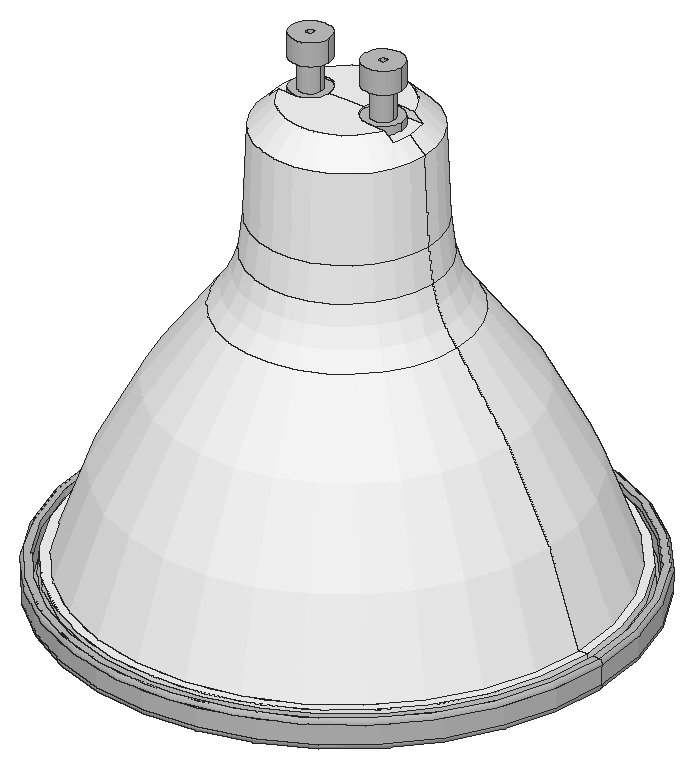
Revit family "STL21411_27_30", category Luminárias, Revit 2023
Family settings
  Cota do conector redondo = Utilizar diâmetro
  Tipo de parte = Normal
  Com base no plano de trabalho = Não
  Sempre na vertical = Sim
  Corte com vazios quando carregada = Não
  Fonte luminosa = Sim
  Manter orientação da anotação = Não
  Compartilhado = Não
  Ponto de cálculo do ambiente = Não
Parameters (values of type "STL21411/27 - BIVOLT - 2700K - 250lm - 7°")
  Ângulo de inclinação = 90.00°
  Ângulo de Abertura = "7°"
  Wattage = 1.68303 W
  URL = "https://stella.com.br/"
  Troca de temperatura da cor de lâmpada com esmaecimento = <Nenhum>
  Tensão Elétrica = "100V-240V"
  built-in parameter 1150107 = 2700 (stored number, unit not read)
  Temperatura da cor (K) = 2700 K
  Referência = "STL21411/27"
  Potência = 4.7 W
  built-in parameter 1150110 = 1 (stored number, unit not read)
  built-in parameter 1150109 = 1 (stored number, unit not read)
  built-in parameter 1114218 = 1 (stored number, unit not read)
  built-in parameter 1150112 = 1 (stored number, unit not read)
  built-in parameter 1150113 = 1 (stored number, unit not read)
  built-in parameter 1150142 = "IESNA:LM-63-2002\r\n[TEST] Viso BaseSpion - serial: 2183678036 sensor serial: 1483989726\r\n[TESTLAB] Viso BaseSpion - serial: 2183678036 sensor serial: 1483989726 - Test lab\r\n[MANUFAC] N/A\r\n[ISSUEDATE] 17/11/2021\r\n[LUMINAIRE] STELLA - STL21411/27 - AR70 PRO 7° 4,7W\r\n[LUMCAT] N/A\r\n[_SERIALNUMBER] VFR-211117-4385-MS\r\nTILT=NONE\r\n1 259 1 91 1 1 2 -0.055 -0.055 0.0623\r\n1.0 1.0 4.94\r\n0 1 2 3 4 5 6 7 8 9 10 11 12 13 14 15 16 17 18 19 20 21 22 23 24 25 26 27 28 29 30 31 32 33 34 35 36 37 38 39 40 41 42 43 44 45 46 47 48 49 50 51 52 53 54 55 56 57 58 59 60 61 62 63 64 65 66 67 68 69 70 71 72 73 74 75 76 77 78 79 80\r\n 81 82 83 84 85 86 87 88 89 90\r\n0 \r\n8012.268066 7908.040527 6805.483398 5306.655273 3835.501465 2611.36792 1702.781982 1100.026367 701.706299 457.247742 316.45993 236.002243 186.038406 153.727036 129.627396 111.494972 94.152954 78.788368 66.587585 57.454178 49.943413\r\n 44.764576 39.566265 35.006748 31.071499 27.843071 25.114212 22.965197 21.594881 20.33707 19.976358 20.029121 20.459604 21.243231 21.4862 21.289555 20.694355 19.770582 18.284912 17.023626 15.627766 14.121721 12.845434 11.71128 10.956571\r\n 10.406587 10.207185 10.090323 10.235255 10.500318 10.756314 10.659825 10.466209 9.679325 8.232968 6.077294 3.573949 1.827062 1.221155 1.075169 1.01133 0.838495 0.871519 0.696277 0.644481 0.726814 0.711939 0.668646 0.740095 0.735123\r\n 0.693682 0.757633 0.725425 0.65081 0.688778 0.654706 0.615224 0.6159 0.662194 0.777172 0.790405 0.724636 0.724159 0.679531 0.671484 0.729431 0.707179 0.657825 0.668848 0.801397 0.532557\r\n"
  built-in parameter 1150132 = 2
  built-in parameter 1150137 = (empty or 0)
  Modelo = "AR70 PRO 7º 4,7W\r\nAR70 PRO 7º 4,7W\r\nAR 70 PRO 7º 4,7W"
  Luminoso [instance] = Luminoso - 2700K
  built-in parameter 1150106 = 77.338 (stored number, unit not read)
  built-in parameter 1150102 = (empty or 0)
  built-in parameter 1150105 = 7733.8 (stored number, unit not read)
  IRC (Índice de reprodução de cores) = ">95 (R9>80)"
  Grau de proteção (IP) = "IP20"
  Fluxo Luminoso = 250 lm
  Color Filter = 16777215
  built-in parameter 1114217 = 1 (stored number, unit not read)
  built-in parameter 1150139 = (empty or 0)
  Fabricante = "Stella"
  Estrutura [instance] = Al - Branco
  Default Elevation = 0.00 m
  built-in parameter 1150104 = 13.8 (stored number, unit not read)
  Diâmetro = 0.07 m
  Dimerização = "Não dimerizável"
  built-in parameter 1150115 = 1 (stored number, unit not read)
  built-in parameter 1150114 = 1 (stored number, unit not read)
  Cromado [instance] = Cromado
  Lumens = 250 lm
  built-in parameter 1150138 = (empty or 0)
  built-in parameter 1150134 = (empty or 0)
  Arquivo de rede fotométrica = "STELLA - STL21411-27 - AR70 PRO 7° 4,7W.ies"
  Altura = 0.067 m
  built-in parameter 1150133 = 10 (stored number, unit not read)
Types (3, lengths in m): name | Wattage | built-in parameter 1150107 | Temperatura da cor (K) | Referência | Luminoso | built-in parameter 1150106 | built-in parameter 1150105 | Fluxo Luminoso | Lumens
  (no name) | 1.68303 W | 2700 (stored number, unit not read) | 2700 K | "STL21411/27" | Luminoso - 2700K | 77.338 (stored number, unit not read) | 7733.8 (stored number, unit not read) | 250 lm | 250 lm
  STL21411/27 - BIVOLT - 2700K - 250lm - 7° | 1.68303 W | 2700 (stored number, unit not read) | 2700 K | "STL21411/27" | Luminoso - 2700K | 77.338 (stored number, unit not read) | 7733.8 (stored number, unit not read) | 250 lm | 250 lm
  STL21411/30 - BIVOLT - 3000K - 260lm - 7° | 1.75035 W | 3000 (stored number, unit not read) | 3000 K | "STL21411/30" | Luminoso - 3000K | 0.2069 (stored number, unit not read) | 20.69 (stored number, unit not read) | 260 lm | 260 lm
Reference planes (m)
  plane 1 "Centro (Frente/Trás)": y = 0
  plane 2: z = 0
  plane 3 "Centro (Esquerda/Direita)": x = 0
  plane 4: x = 0.035
  plane 5: x = -0.035
  plane 6 "Superior": z = 0.063061
  plane 7 "Base": z = -0.003939
  plane 8: y = 0.035
  plane 9: y = -0.035
Forms (m)
  Revolve 1, solid, material "Al - Branco" <- "Estrutura"
    sketch origin (0, 0, 0) x (1, 0, 0) y (0, 0, 1)
      loop
        line (0.0077, 0.0564) -> (0, 0.0564) -> (0, 0.0548) -> (0.007603, 0.0548) -> (0.00957, 0.052833) -> (0.009999, 0.042321)
        arc (0.009999, 0.042321) -> (0.010188, 0.040004) -> (0.010563, 0.03771) r 0.02875
        arc (0.010563, 0.03771) -> (0.011893, 0.033837) -> (0.01416, 0.030428) r 0.01602
        arc (0.01416, 0.030428) -> (0.024357, 0.015572) -> (0.030945, -0.0012) r 0.07947
        line (0.030945, -0.0012) -> (0.031727, -0.0012) -> (0.0318, -0.0026) -> (0.033208, -0.0026) -> (0.03305, -0.000789) -> (0.033009, 0) -> (0.031862, 0)
        arc (0.031862, 0) -> (0.0252, 0.016541) -> (0.015066, 0.031215) r 0.08067
        arc (0.015066, 0.031215) -> (0.012969, 0.034369) -> (0.011739, 0.037951) r 0.01482
        arc (0.011739, 0.037951) -> (0.011379, 0.04015) -> (0.011198, 0.04237) r 0.02755
        line (0.011198, 0.04237) -> (0.01075, 0.05335) -> (0.0077, 0.0564)
      axis (0, 0.0564) -> (0, -0.0026)
    angle from 0 to 360
  Revolve 2, solid, material "Cromado" <- "Cromado"
    sketch origin (0, 0, 0) x (1, 0, 0) y (0, 0, 1)
      loop
        arc (0.012877, 0.018698) -> (0.020875, 0.008993) -> (0.027156, -0.001903) r 0.075693
        arc (0.027156, -0.001903) -> (0.027343, -0.002254) -> (0.027566, -0.002584) r 0.003884
        arc (0.027566, -0.002584) -> (0.030319, -0.003548) -> (0.033211, -0.003939) r 0.014447
        line (0.033211, -0.003939) -> (0.034185, -0.003956)
        arc (0.034185, -0.003956) -> (0.03475, -0.003721) -> (0.034986, -0.003156) r 0.0008
        line (0.034986, -0.003156) -> (0.035029, -0.000736)
        arc (0.035029, -0.000736) -> (0.034941, -0.000341) -> (0.034683, -0.000029) r 0.000865
        line (0.034683, -0.000029) -> (0.033841, -0.000029) -> (0.033761, -0.000945) -> (0.033613, -0.002629) -> (0.032299, -0.002629)
        arc (0.032299, -0.002629) -> (0.030081, -0.001839) -> (0.028213, -0.000404) r 0.007553
        arc (0.028213, -0.000404) -> (0.021949, 0.010251) -> (0.014066, 0.019771) r 0.077294
        line (0.014066, 0.019771) -> (0.012877, 0.019771) -> (0.012877, 0.018698)
      axis (0, 0.019771) -> (0, -0.003956)
    angle from 0 to 360
  Revolve 3, solid, material "Cromado" <- "Cromado"
    sketch origin (0, 0, 0) x (1, 0, 0) y (0, 0, 1)
      loop
        line (-0.01279, 0.004) -> (0, 0.004) -> (0, 0.014238) -> (-0.002617, 0.014238)
        arc (-0.002617, 0.014238) -> (-0.004216, 0.013782) -> (-0.005741, 0.013119) r 0.0125
        line (-0.005741, 0.013119) -> (-0.007371, 0.019202) -> (-0.010858, 0.019202)
        arc (-0.010858, 0.019202) -> (-0.011261, 0.019369) -> (-0.011427, 0.019771) r 0.000569
        line (-0.011427, 0.019771) -> (-0.0115, 0.02185) -> (-0.018457, 0.02185) -> (-0.018378, 0.02035) -> (-0.01275, 0.02035) -> (-0.012721, 0.019519) -> (-0.012721, 0.018698) -> (-0.011921, 0.018698) -> (-0.011921, 0.017583)
        arc (-0.011921, 0.017583) -> (-0.008013, 0.013326) -> (-0.002914, 0.010607) r 0.017169
        line (-0.002914, 0.010607) -> (-0.002684, 0.006224) -> (-0.0069, 0.005702) -> (-0.013416, 0.005702) -> (-0.013357, 0.004567)
        arc (-0.013357, 0.004567) -> (-0.013191, 0.004166) -> (-0.01279, 0.004) r 0.000567
      axis (0, 0.02185) -> (0, 0.004)
    angle from 0 to 360
  Extrusion 4, void
    sketch origin (0, -0.129323, 0) x (1, 0, 0) y (0, 1, 0)
      loop
        arc (-0.002358, 0.129323) -> (-0.003131, 0.131192) -> (-0.005, 0.131966) r 0.002642
        line (-0.005, 0.131966) -> (-0.008729, 0.131966)
        arc (-0.008729, 0.131966) -> (-0.009022, 0.130744) -> (-0.009136, 0.129493) r 0.008759
        arc (-0.009136, 0.129493) -> (-0.009047, 0.12807) -> (-0.008729, 0.126681) r 0.008759
        line (-0.008729, 0.126681) -> (-0.005, 0.126681)
        arc (-0.005, 0.126681) -> (-0.003131, 0.127455) -> (-0.002358, 0.129323) r 0.002642
    from 0.0553 to 0.0564
  Extrusion 5, solid, material "Cromado" <- "Cromado"
    sketch origin (0, 0, 0) x (1, 0, 0) y (0, 1, 0)
      loop
        circle (-0.005, 0) r 0.0025
    from 0.0553 to 0.0563
  Extrusion 6, solid, material "Cromado" <- "Cromado"
    sketch origin (0, 0, 0) x (1, 0, 0) y (0, 1, 0)
      loop
        circle (-0.005, 0) r 0.0015
    from 0.0563 to 0.060161
  Extrusion 7, solid, material "Cromado" <- "Cromado"
    sketch origin (0, 0, 0) x (1, 0, 0) y (0, 1, 0)
      loop
        circle (-0.005, 0) r 0.0025
    from 0.060161 to 0.063061
  Extrusion 8, solid, material "Cromado" <- "Cromado"
    sketch origin (0, 0, 0) x (-1, 0, 0) y (0, -1, 0)
      loop
        circle (-0.005, 0) r 0.0025
    from 0.0553 to 0.0563
  Extrusion 9, solid, material "Cromado" <- "Cromado"
    sketch origin (0, 0, 0) x (-1, 0, 0) y (0, -1, 0)
      loop
        circle (-0.005, 0) r 0.0015
    from 0.0563 to 0.060161
  Extrusion 10, solid, material "Cromado" <- "Cromado"
    sketch origin (0, 0, 0) x (-1, 0, 0) y (0, -1, 0)
      loop
        circle (-0.005, 0) r 0.0025
    from 0.060161 to 0.063061
  Extrusion 11, void
    sketch origin (0, -0.129323, 0) x (-1, 0, 0) y (0, -1, 0)
      loop
        arc (-0.002358, -0.129323) -> (-0.003131, -0.127455) -> (-0.005, -0.126681) r 0.002642
        line (-0.005, -0.126681) -> (-0.008729, -0.126681)
        arc (-0.008729, -0.126681) -> (-0.009047, -0.12807) -> (-0.009136, -0.129493) r 0.008759
        arc (-0.009136, -0.129493) -> (-0.009022, -0.130744) -> (-0.008729, -0.131966) r 0.008759
        line (-0.008729, -0.131966) -> (-0.005, -0.131966)
        arc (-0.005, -0.131966) -> (-0.003131, -0.131192) -> (-0.002358, -0.129323) r 0.002642
    from 0.0553 to 0.0564
  Extrusion 12, void
    sketch origin (0, 0, 0) x (1, 0, 0) y (0, 1, 0)
      loop
        circle (-0.005, 0) r 0.00045
    from 0.0557 to 0.063061
  Extrusion 13, void
    sketch origin (0, 0, 0) x (-1, 0, 0) y (0, -1, 0)
      loop
        circle (-0.005, 0) r 0.00045
    from 0.0557 to 0.063061
  Revolve 14, solid, material "Luminoso - 2700K" <- "Luminoso"
    sketch origin (0, 0, 0) x (1, 0, 0) y (0, 0, 1)
      loop
        line (-0.013416, 0.005702) -> (-0.0069, 0.005702) -> (-0.002684, 0.006224) -> (-0.002914, 0.010607)
        arc (-0.002914, 0.010607) -> (-0.008013, 0.013326) -> (-0.011921, 0.017583) r 0.017169
        line (-0.011921, 0.017583) -> (-0.011921, 0.018698) -> (-0.012721, 0.018698) -> (-0.012721, 0.01735)
        arc (-0.012721, 0.01735) -> (-0.008812, 0.012938) -> (-0.003685, 0.010029) r 0.017969
        line (-0.003685, 0.010029) -> (-0.003522, 0.006926) -> (-0.013416, 0.005702)
      axis (0, 0.018698) -> (0, 0.005702)
    angle from 0 to 360
Cuts and joins
  Extrusion 4, Extrusion 11 cuts Revolve 1
  Extrusion 12, Extrusion 13 cuts Extrusion 5
  Extrusion 11, Extrusion 12, Extrusion 13 cuts Extrusion 6
  Extrusion 12, Extrusion 13 cuts Extrusion 7
  joined: Extrusion 5, Extrusion 6, Extrusion 7
  Extrusion 13 cuts Extrusion 8
  Extrusion 13 cuts Extrusion 9
  Extrusion 13 cuts Extrusion 10
  joined: Extrusion 8, Extrusion 9, Extrusion 10
Lines and regions (m)
  model lines
    curve 1: line (0, 0.001599, 0.0553) -> (0, -0.004963, 0.0553)
    curve 2: line (0.006069, 0, 0.063061) -> (0.006069, 0, 0.060161)
Dimensions and locks (m)
  "Altura": plane 6 "Superior" to plane 7 "Base"
  "Diâmetro": plane 5 to plane 4
  aligned and locked: level to plane 2
  aligned and locked: Extrusion 7 to Extrusion 12
  aligned and locked: Extrusion 10 to cut or joined group of Extrusion 5, Extrusion 6, Extrusion 7, Extrusion 11, Extrusion 12, Extrusion 13
Automatic sketch dimensions
  curve 1 to plane 1 "Centro (Frente/Trás)" = 0.001599 m
  plane 1 "Centro (Frente/Trás)" to curve 1 = 0.004963 m
  Revolve 1 sketch curve to Revolve 1 sketch curve = 0.00 m  (x9)
  Revolve 1 sketch curve to plane 3 "Centro (Esquerda/Direita)" = 0.00 m  (x2)
  Revolve 1 sketch curve to level = 0.00 m
  Revolve 1 sketch curve to plane 5 = 0.01084 m
  Revolve 1 sketch curve to Revolve 1 sketch curve = 0.007603 m
  Revolve 1 sketch curve to Revolve 1 sketch curve = 0.000097 m
  Revolve 1 sketch curve to Revolve 1 sketch curve = 0.001967 m  (x2)
  plane 3 "Centro (Esquerda/Direita)" to Revolve 1 sketch curve = 0.009999 m
  Revolve 1 sketch curve to Revolve 1 sketch curve = 0.00118 m
  Revolve 1 sketch curve to Revolve 1 sketch curve = 0.001199 m
  Revolve 1 sketch curve to plane 4 = 0.008744 m
  Revolve 1 sketch curve to level = 0.0012 m
  Revolve 1 sketch curve to plane 4 = 0.004055 m
  Revolve 1 sketch curve to Revolve 1 sketch curve = 0.000781 m
  Revolve 1 sketch curve to Revolve 1 sketch curve = 0.000073 m
  Revolve 1 sketch curve to Revolve 1 sketch curve = 0.000135 m
  Revolve 1 sketch curve to Revolve 1 sketch curve = 0.001147 m
  Revolve 1 sketch curve to Revolve 1 sketch curve = 0.000041 m
  Revolve 1 sketch curve to plane 4 = 0.001792 m
  plane 4 to Revolve 1 sketch curve = 0.003725 m
  Revolve 1 sketch curve to Revolve 1 sketch curve = 0.0014 m
  Revolve 1 sketch curve to level = 0.021682 m
  Revolve 1 sketch curve to level = 0.000789 m
  level to Revolve 1 sketch curve = 0.040933 m
  Revolve 1 sketch curve to Revolve 1 sketch curve = 0.011106 m
  Revolve 1 sketch curve to Revolve 1 sketch curve = 0.000049 m
  Revolve 1 sketch curve to Revolve 1 sketch curve = 0.002561 m
  Revolve 1 sketch curve to Revolve 1 sketch curve = 0.010512 m
  Revolve 1 sketch curve to Revolve 1 sketch curve = 0.000517 m
  Revolve 1 sketch curve to Revolve 1 sketch curve = 0.0016 m
  Revolve 1 sketch curve to level = 0.003956 m
  Revolve 2 sketch curve to Revolve 2 sketch curve = 0.00 m  (x4)
  Revolve 2 sketch curve to plane 3 "Centro (Esquerda/Direita)" = 0.00 m
  Revolve 2 sketch curve to plane 5 = 0.006337 m
  plane 3 "Centro (Esquerda/Direita)" to Revolve 2 sketch curve = 0.012877 m
  Revolve 2 sketch curve to Revolve 2 sketch curve = 0.001189 m
  Revolve 2 sketch curve to level = 0.00025 m
  Revolve 2 sketch curve to plane 4 = 0.004329 m
  Revolve 2 sketch curve to plane 4 = 0.002701 m
  Revolve 2 sketch curve to Revolve 2 sketch curve = 0.000912 m
  Revolve 2 sketch curve to Revolve 2 sketch curve = 0.001314 m
  Revolve 2 sketch curve to plane 4 = 0.001309 m
  Revolve 2 sketch curve to plane 4 = 0.001308 m
  Revolve 2 sketch curve to plane 4 = 0.001239 m
  Revolve 2 sketch curve to level = 0.000029 m
  Revolve 2 sketch curve to Revolve 2 sketch curve = 0.00008 m
  Revolve 2 sketch curve to Revolve 2 sketch curve = 0.000403 m
  Revolve 2 sketch curve to plane 4 = 0.000815 m
  Revolve 2 sketch curve to plane 4 = 0.000317 m
  plane 4 to Revolve 2 sketch curve = 0.000029 m
  Revolve 2 sketch curve to level = 0.000721 m
  Revolve 2 sketch curve to Revolve 2 sketch curve = 0.000224 m
  Revolve 2 sketch curve to Revolve 2 sketch curve = 0.001684 m
  Revolve 2 sketch curve to Revolve 2 sketch curve = 0.000527 m
  Revolve 2 sketch curve to Revolve 2 sketch curve = 0.000783 m
  Revolve 2 sketch curve to Revolve 2 sketch curve = 0.0008 m
  Revolve 2 sketch curve to level = 0.034125 m
  level to Revolve 2 sketch curve = 0.004795 m
  Revolve 2 sketch curve to Revolve 2 sketch curve = 0.005705 m
  level to Revolve 2 sketch curve = 0.018698 m
  Revolve 2 sketch curve to Revolve 2 sketch curve = 0.001073 m
  Revolve 2 sketch curve to Revolve 2 sketch curve = 0.000002 m
  Revolve 2 sketch curve to level = 0.007971 m
  Revolve 2 sketch curve to Revolve 2 sketch curve = 0.043852 m
  Extrusion 4 sketch curve to Extrusion 4 sketch curve = 0.00 m  (x4)
  plane 1 "Centro (Frente/Trás)" to Extrusion 4 sketch curve = 0.00 m  (x2)
  plane 1 "Centro (Frente/Trás)" to Extrusion 4 sketch curve = 0.002642 m
  Extrusion 4 sketch curve to plane 3 "Centro (Esquerda/Direita)" = 0.008729 m
  Extrusion 4 sketch curve to Extrusion 4 sketch curve = 0.003729 m
  Extrusion 4 sketch curve to plane 3 "Centro (Esquerda/Direita)" = 0.000379 m
  Extrusion 4 sketch curve to plane 1 "Centro (Frente/Trás)" = 0.00017 m
  plane 1 "Centro (Frente/Trás)" to Extrusion 5 sketch curve = 0.00 m
  Extrusion 5 sketch curve to plane 3 "Centro (Esquerda/Direita)" = 0.005 m
  plane 1 "Centro (Frente/Trás)" to Extrusion 6 sketch curve = 0.00 m
  Extrusion 6 sketch curve to plane 3 "Centro (Esquerda/Direita)" = 0.005 m
  plane 1 "Centro (Frente/Trás)" to Extrusion 7 sketch curve = 0.00 m
  Extrusion 7 sketch curve to plane 3 "Centro (Esquerda/Direita)" = 0.005 m
  plane 1 "Centro (Frente/Trás)" to Extrusion 8 sketch curve = 0.00 m
  plane 3 "Centro (Esquerda/Direita)" to Extrusion 8 sketch curve = 0.005 m
  plane 1 "Centro (Frente/Trás)" to Extrusion 9 sketch curve = 0.00 m
  plane 3 "Centro (Esquerda/Direita)" to Extrusion 9 sketch curve = 0.005 m
  plane 1 "Centro (Frente/Trás)" to Extrusion 10 sketch curve = 0.00 m
  plane 3 "Centro (Esquerda/Direita)" to Extrusion 10 sketch curve = 0.005 m
  Extrusion 11 sketch curve to Extrusion 11 sketch curve = 0.00 m  (x4)
  plane 1 "Centro (Frente/Trás)" to Extrusion 11 sketch curve = 0.00 m  (x2)
  plane 1 "Centro (Frente/Trás)" to Extrusion 11 sketch curve = 0.002642 m
  plane 3 "Centro (Esquerda/Direita)" to Extrusion 11 sketch curve = 0.008729 m
  Extrusion 11 sketch curve to Extrusion 11 sketch curve = 0.003729 m
  plane 3 "Centro (Esquerda/Direita)" to Extrusion 11 sketch curve = 0.000379 m
  Extrusion 11 sketch curve to plane 1 "Centro (Frente/Trás)" = 0.00017 m
  plane 1 "Centro (Frente/Trás)" to Extrusion 12 sketch curve = 0.00 m
  Extrusion 12 sketch curve to plane 3 "Centro (Esquerda/Direita)" = 0.005 m
  plane 1 "Centro (Frente/Trás)" to Extrusion 13 sketch curve = 0.00 m
  plane 3 "Centro (Esquerda/Direita)" to Extrusion 13 sketch curve = 0.005 m
  Revolve 14 sketch curve to Revolve 14 sketch curve = 0.00 m  (x2)
  Revolve 14 sketch curve to plane 3 "Centro (Esquerda/Direita)" = 0.00 m
  Revolve 14 sketch curve to plane 3 "Centro (Esquerda/Direita)" = 0.002684 m
  Revolve 14 sketch curve to plane 3 "Centro (Esquerda/Direita)" = 0.002914 m
  Revolve 14 sketch curve to Revolve 14 sketch curve = 0.000838 m
  Revolve 14 sketch curve to Revolve 14 sketch curve = 0.000771 m
  Revolve 14 sketch curve to Revolve 14 sketch curve = 0.003378 m
  Revolve 14 sketch curve to plane 3 "Centro (Esquerda/Direita)" = 0.011921 m
  Revolve 14 sketch curve to Revolve 14 sketch curve = 0.0008 m
  level to Revolve 14 sketch curve = 0.005702 m
  Revolve 14 sketch curve to Revolve 14 sketch curve = 0.006516 m
  plane 3 "Centro (Esquerda/Direita)" to Revolve 14 sketch curve = 0.0025 m
  Revolve 14 sketch curve to Revolve 14 sketch curve = 0.000521 m
  Revolve 14 sketch curve to Revolve 14 sketch curve = 0.000702 m
  Revolve 14 sketch curve to Revolve 14 sketch curve = 0.003103 m
  Revolve 14 sketch curve to Revolve 14 sketch curve = 0.000578 m
  Revolve 14 sketch curve to Revolve 14 sketch curve = 0.007321 m
  Revolve 14 sketch curve to Revolve 14 sketch curve = 0.001348 m
  level to Revolve 14 sketch curve = 0.002602 m
  Revolve 14 sketch curve to Revolve 14 sketch curve = 0.003202 m
  Revolve 3 sketch curve to plane 3 "Centro (Esquerda/Direita)" = 0.00 m  (x3)
  Revolve 3 sketch curve to plane 3 "Centro (Esquerda/Direita)" = 0.002617 m
  Revolve 3 sketch curve to plane 3 "Centro (Esquerda/Direita)" = 0.002684 m
  Revolve 3 sketch curve to plane 3 "Centro (Esquerda/Direita)" = 0.002914 m
  Revolve 3 sketch curve to Revolve 3 sketch curve = 0.003123 m
  Revolve 3 sketch curve to Revolve 3 sketch curve = 0.004216 m
  Revolve 3 sketch curve to Revolve 3 sketch curve = 0.00163 m
  Revolve 3 sketch curve to Revolve 3 sketch curve = 0.003487 m
  Revolve 3 sketch curve to Revolve 3 sketch curve = 0.000569 m
  Revolve 3 sketch curve to Revolve 3 sketch curve = 0.000073 m
  Revolve 3 sketch curve to Revolve 3 sketch curve = 0.001063 m
  Revolve 3 sketch curve to Revolve 3 sketch curve = 0.0008 m
  Revolve 3 sketch curve to Revolve 3 sketch curve = 0.000029 m
  level to Revolve 3 sketch curve = 0.004 m
  Revolve 3 sketch curve to Revolve 3 sketch curve = 0.00589 m
  level to Revolve 3 sketch curve = 0.004567 m
  Revolve 3 sketch curve to Revolve 3 sketch curve = 0.00006 m
  Revolve 3 sketch curve to Revolve 3 sketch curve = 0.005628 m
  Revolve 3 sketch curve to Revolve 3 sketch curve = 0.000079 m
  plane 3 "Centro (Esquerda/Direita)" to Revolve 3 sketch curve = 0.0025 m
  Revolve 3 sketch curve to Revolve 3 sketch curve = 0.001985 m
  Revolve 3 sketch curve to Revolve 3 sketch curve = 0.001136 m
  Revolve 3 sketch curve to Revolve 3 sketch curve = 0.002224 m
  Revolve 3 sketch curve to Revolve 3 sketch curve = 0.004383 m
  Revolve 3 sketch curve to Revolve 3 sketch curve = 0.002512 m
  Revolve 3 sketch curve to Revolve 3 sketch curve = 0.004464 m
  Revolve 3 sketch curve to Revolve 3 sketch curve = 0.001115 m
  Revolve 3 sketch curve to Revolve 3 sketch curve = 0.000504 m
  Revolve 3 sketch curve to Revolve 3 sketch curve = 0.000821 m
  Revolve 3 sketch curve to Revolve 3 sketch curve = 0.000831 m
  Revolve 3 sketch curve to Revolve 3 sketch curve = 0.0015 m
  Revolve 3 sketch curve to level = 0.005482 m
  Revolve 3 sketch curve to Revolve 3 sketch curve = 0.001455 m
  level to curve 1 = 0.0553 m
  curve 2 to plane 6 "Superior" = 0.00 m
  plane 3 "Centro (Esquerda/Direita)" to curve 2 = 0.006069 m
  curve 2 to curve 2 = 0.0029 m
  radius of Extrusion 5 sketch curve = 0.0025 m
  radius of Extrusion 6 sketch curve = 0.0015 m
  radius of Extrusion 7 sketch curve = 0.0025 m
  radius of Extrusion 8 sketch curve = 0.0025 m
  radius of Extrusion 9 sketch curve = 0.0015 m
  radius of Extrusion 10 sketch curve = 0.0025 m
  radius of Extrusion 12 sketch curve = 0.00045 m
  radius of Extrusion 13 sketch curve = 0.00045 m
Connectors (m)
  electrical at (0, 0, 0.063061)
    settings: index 1, voltage 0 V, apparent load 0 VA, apparent load phase1 0 VA, apparent load phase2 0 VA, apparent load phase3 0 VA, power factor 1, load classification "Outro", number of poles 1, system type 31, power factor state 1, is connector primary yes, connector utility no, sub classification motor no, connector description ""
